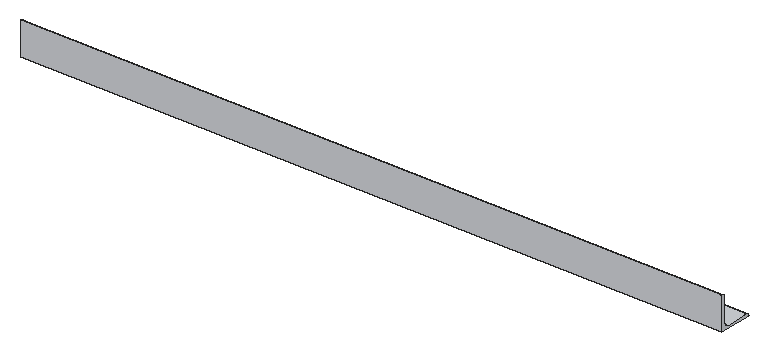
Revit family "AVLN_Набор перемычек", category Обобщенные модели, Revit 2021
Family settings
  Основа = Стена
  Может служить основой для арматурных стержней = Нет
  Размер круглого соединителя = Использовать диаметр
  Тип детали = Нормальный
  Всегда вертикально = Да
  При загрузке вырезать с полостями = Нет
  Общий = Да
  Точка принадлежности помещению = Нет
Parameters (values of type "Перемычка_Уголок_70х70х5 L=1500 2")
  Элемент 9(3) = Перемычки - Пластина (ГОСТ 103-76) : 80х6, L=120
  Элемент 8(2)_Материал = none
  Элемент 8(2) = Перемычки - Уголок (ГОСТ 8509-93)(Поворот.Зеркальный) : 125х8, L=200(Пов. 180)
  Элемент 9(3)_Материал = none
  Элемент 6(1)_Материал = none
  Элемент 6(1) = Перемычки - Уголок (ГОСТ 8509-93)1 : 125х8, L=200
  Элемент 5(1)_Материал = none
  Элемент 5(1) = Перемычки ЖБ : 3ПБ27-8-П *2380
  Элемент 4(1)_Материал = none
  Элемент 4(1) = Перемычки ЖБ : 4ПБ48-8-П *4380
  Элемент 3(1)_Материал = none
  Элемент 3(1) = Перемычки ЖБ : 2ПБ10-1-П *830
  Элемент 2(1)_Материал = none
  Элемент 2(1) = Перемычки - Уголок (ГОСТ 8509-93)(Зеркальный) : 70х5, L=1500(Зеркальный)
  Элемент 1(1)_Материал = none
  Элемент 1(1) = Перемычки - Уголок (ГОСТ 8509-93)1 : 70х5, L=1500 (2)
  Ширина проема Элементы8(2)_9(3) = 1250 mm
  Элементы соединительные(3) = no
  Элементы горизонтальные(1) = yes
  Шаг анкера = 150 mm
  Стена_толщина = 120 mm
  Полка_правая = 0 mm
  Полка_левая = 0 mm
  Отступ анкера = 50 mm
  Отметка по умолчанию = 0 mm
  Область маскировки = yes
  Количество анкеров на уголок = 2
  Горизонтальное смещение Элемент1-6(1) = (Полка_правая - Полка_левая) / 2  # 0 mm
  Расчетное расстояние от произвольной плоскости = Расстояние от вспомогательной плоскости + [Горизонтальное смещение Элемент1-6(1)]  # 2500 mm
  Расстояние от вспомогательной плоскости = 2500 mm  # constant formula
  Соединительные Привязка_Элемент 9(3) = ([Ширина проема Элементы8(2)_9(3)] - ([Количество соединительные Элементы 9(3)] - 1) * [Шаг соединительные Элементы 9(3)]) / 2  # 375 mm
  Количество соединительные Элементы 9(3) = 2
  Шаг соединительные Элементы 9(3) = 500 mm
  Высота Элемент 8(2) = -2.6 mm
  Элементы крепления(2) = no
  Отступ Элемент 8(2) = 105 mm
  Высота Элемент 9(3) = -5 mm
  Высота Элемент 6(1) = 0 mm
  Элемент 6(1)_Видимость = if(and([Элементы горизонтальные(1)]), Количество горизонтальных элементов > 5, Видимость_not)  # no
  Высота Элемент 5(1) = 0 mm
  Элемент 5(1)_Видимость = if(and([Элементы горизонтальные(1)]), Количество горизонтальных элементов > 4, Видимость_not)  # no
  Высота Элемент 4(1) = 0 mm
  Элемент 4(1)_Видимость = if(and([Элементы горизонтальные(1)]), Количество горизонтальных элементов > 3, Видимость_not)  # no
  Высота Элемент 3(1) = 0 mm
  Элемент 3(1)_Видимость = if(and([Элементы горизонтальные(1)]), Количество горизонтальных элементов > 2, Видимость_not)  # no
  Высота Элемент 2(1) = 0 mm
  Элемент 2(1)_Видимость = if(and([Элементы горизонтальные(1)]), Количество горизонтальных элементов > 1, Видимость_not)  # no
  Высота Элемент 1(1) = 0 mm
  Отступ от 5 до 6 = 140 mm
  Отступ от 4 до 5 = 130 mm
  Отступ от 3 до 4 = 146.078 mm
  Отступ от 2 до 3 = 165 mm
  Отступ от 1 до 2 = 250 mm
  Отступ до Элемент 1 = 0 mm
  Область видимости_По высоте вниз [instance] = 1200 mm
  Крепление_Справа_Видимость = if(and([Элементы крепления(2)], [Крепление_Справа(2)]), [Видимость Элемент 8(2)], Видимость_not)  # no
  Крепление_Справа(2) = no
  Крепление_Слева_Видимость = if(and([Элементы крепления(2)], [Крепление_Слева(2)]), [Видимость Элемент 8(2)], Видимость_not)  # no
  Крепление_Слева(2) = no
  Количество горизонтальных элементов = 1
  Группа модели = "Перемычки"  # constant formula
  Высота Анкер = 50 mm
  Видимость Элемент 8(2) = Видимость_Определение = 1 mm  # yes
  Видимость_Определение = 1 mm  # constant formula
  Видимость_not = Видимость_Определение = 2 mm  # no
  Анкер_справа_2_видимость = and(Анкер справа, Количество анкеров на уголок > 1)  # no
  Анкер_справа_1_видимость = and(Анкер справа, Количество анкеров на уголок > 0)  # no
  Анкер_слева_2_видимость = and(Анкер слева, Количество анкеров на уголок > 1)  # no
  Анкер_слева_1_видимость = and(Анкер слева, Количество анкеров на уголок > 0)  # no
  Анкер_слева_3_видимость = and(Анкер слева, Количество анкеров на уголок > 2)  # no
  Анкер_справа_3_Видимость = and(Анкер справа, Количество анкеров на уголок > 2)  # no
  Анкер справа = no
  Анкер слева = no
Reference planes
  plane 1 "Стена": y = 0
  plane 2 "По центру (Влево/Вправо)": x = 125
  plane 3 "Назад": y = 150
  plane 4: z = 0
  plane 5: y = -150
  plane 6: y = -150
  plane 7: y = 100
  plane 8: y = 265
  plane 9: y = 411.078
  plane 10: y = 541.078
  plane 11: y = 681.078
  plane 12: x = 750
  plane 13: x = -500
  plane 14: y = 360
  plane 15: x = -2375
  plane 16 "Анкер1": y = -100
  plane 17 "Анкер2": y = 50
  plane 18: x = 750
  plane 19: x = -500
  plane 20 "нкер3": y = 200
Lines and regions (mm)
  model lines, style "InvisibleLines"
    curve 1: line (125, 0, 0) -> (125, 0, -1200)
Text (mm)
  text "Сторона размещения" at (-2895.44, 3293.409, 0), in view "Опорный уровень"
  text "Сторона размещения" at (0, 1409.804, 2854.306), in view "Слева"
  text "Сторона размещения" at (0, 499.811, 2980.732), in view "Справа"
Dimensions and locks
  plane 3 "Назад" to plane 3 "Назад" = 0 mm
  "Отступ до Элемент 1": plane 6 to plane 5
  "Отступ от 1 до 2": plane 7 to plane 6
  "Отступ от 2 до 3": plane 8 to plane 7
  "Отступ от 3 до 4": plane 9 to plane 8
  "Отступ от 4 до 5": plane 10 to plane 9
  equal spacing: plane 13, plane 2 "По центру (Влево/Вправо)", plane 12
  "Ширина проема Элементы8(2)_9(3)": plane 13 to plane 12
  plane 13 to plane 12 = 1250 mm
  "Отступ Элемент 8(2)": nested 9 to plane 5
  "Отступ Элемент 8(2)": nested 8 to plane 5
  "Расстояние от вспомогательной плоскости": plane 15 to plane 2 "По центру (Влево/Вправо)"
  "Расчетное расстояние от произвольной плоскости": plane 15 to nested 2
  "Расчетное расстояние от произвольной плоскости": plane 15 to nested 3
  "Расчетное расстояние от произвольной плоскости": plane 15 to nested 4
  "Расчетное расстояние от произвольной плоскости": plane 15 to nested 7
  "Расчетное расстояние от произвольной плоскости": plane 15 to nested 5
  "Расчетное расстояние от произвольной плоскости": plane 15 to nested 6
  "Область видимости_По высоте вниз": level to curve 1
  "Область видимости_По высоте вниз": curve 1 to level
  "Соединительные Привязка_Элемент 9(3)": plane 13 to nested 10
  group 1 to group 2 = 500 mm
  group 2 to group 1 = 0 mm
  group 1 to group 2 = 0 mm
  "Шаг соединительные Элементы 9(3)": nested 10 to nested 11
  plane 5 to nested 1 to plane 3 "Назад" = 150 mm, 150 mm
  plane 6 to plane 5 = 0 mm
  "Отступ анкера": plane 16 "Анкер1" to plane 5
  "Шаг анкера": plane 17 "Анкер2" to plane 16 "Анкер1"
  "Отступ от 5 до 6": plane 10 to plane 11
  plane 2 "По центру (Влево/Вправо)" to nested 2 = 0 mm
  "Полка_правая": plane 18 to plane 12
  "Полка_левая": plane 19 to plane 13
  "Шаг анкера": plane 17 "Анкер2" to plane 20 "нкер3"
  aligned and locked: plane 1 "Стена" to host wall
  aligned and locked: level to plane 4
  aligned and locked: host wall to plane 5
  aligned and locked: curve 1 to host wall
  aligned and locked: plane 6 to nested 2
  aligned and locked: nested 3 to plane 7
  aligned and locked: nested 4 to plane 8
  aligned and locked: nested 5 to plane 10
  aligned and locked: nested 6 to plane 11
  aligned and locked: nested 7 to plane 9
  aligned and locked: plane 2 "По центру (Влево/Вправо)" to nested 1
  aligned and locked: nested 11 to plane 6
  aligned and locked: nested 10 to plane 6
  aligned and locked: plane 17 "Анкер2" to nested 12
  aligned and locked: plane 16 "Анкер1" to nested 14
  aligned and locked: nested 13 to plane 17 "Анкер2"
  aligned and locked: nested 15 to plane 16 "Анкер1"
  aligned and locked: nested 1 to host wall
  aligned and locked: plane 18 to nested 8
  aligned and locked: plane 18 to nested 12
  aligned and locked: plane 18 to nested 14
  aligned and locked: plane 19 to nested 9
  aligned and locked: nested 13 to plane 19
  aligned and locked: nested 15 to plane 19
  aligned and locked: nested 16 to plane 20 "нкер3"
  aligned and locked: nested 17 to plane 19
  aligned and locked: plane 18 to nested 16
  aligned and locked: plane 20 "нкер3" to nested 17
Automatic sketch dimensions
  plane 2 "По центру (Влево/Вправо)" to curve 1 = 0 mm
  curve 1 to level = 0 mm
Nested families
  nested 1: "Прозрачный прямоугольник - Элементы узлов" at (125, -60, 0), b <- "Ширина проема Элементы8(2)_9(3)", visible <- "Область маскировки", Полка_левая <- "Полка_левая", Полка_правая <- "Полка_правая", a <- "Стена_толщина", type "Прозрачный прямоугольник - Элементы узлов"
    with Полка_правая 0 mm, Полка_левая 0 mm, b 1250 mm, a 120 mm
  nested 2: "Перемычки - Уголок (ГОСТ 8509-93)1" at (125, -142.2, 0), type <- "Элемент 1(1)", built-in parameter 1001364 <- "Высота Элемент 1(1)", Structural Material <- "Элемент 1(1)_Материал", visible <- "Элементы горизонтальные(1)", type "70х5, L=1500 (2)"
  nested 3: "Перемычки - Уголок (ГОСТ 8509-93)(Зеркальный)" at (125, 107.8, 0), type <- "Элемент 2(1)", built-in parameter 1001364 <- "Высота Элемент 2(1)", visible <- "Элемент 2(1)_Видимость", Structural Material <- "Элемент 2(1)_Материал", type "70х5, L=1500(Зеркальный)"
  nested 4: "Перемычки ЖБ" at (125, 385, 0), type <- "Элемент 3(1)", built-in parameter 1001364 <- "Высота Элемент 3(1)", visible <- "Элемент 3(1)_Видимость", Structural Material <- "Элемент 3(1)_Материал", type "2ПБ10-1-П *830"
  nested 5: "Перемычки ЖБ" at (125, 661.078, 0), built-in parameter 1001364 <- "Высота Элемент 5(1)", visible <- "Элемент 5(1)_Видимость", type <- "Элемент 5(1)", Structural Material <- "Элемент 5(1)_Материал", type "3ПБ27-8-П *2380"
  nested 6: "Перемычки - Уголок (ГОСТ 8509-93)1" at (125, 688.878, 0), type <- "Элемент 6(1)", built-in parameter 1001364 <- "Высота Элемент 6(1)", visible <- "Элемент 6(1)_Видимость", Structural Material <- "Элемент 6(1)_Материал", type "125х8, L=200"
  nested 7: "Перемычки ЖБ" at (125, 531.078, 0), type <- "Элемент 4(1)", built-in parameter 1001364 <- "Высота Элемент 4(1)", visible <- "Элемент 4(1)_Видимость", Structural Material <- "Элемент 4(1)_Материал", type "4ПБ48-8-П *4380"
  nested 8: "Перемычки - Уголок (ГОСТ 8509-93)(Поворот.Зеркальный)" at (744.6, 55, -2.6) x (0, 1, 0) z (0, 0, 1), type <- "Элемент 8(2)", built-in parameter 1001364 <- "Высота Элемент 8(2)", visible <- "Крепление_Справа_Видимость", Structural Material <- "Элемент 8(2)_Материал", type "125х8, L=200(Пов. 180)"
  nested 9: "Перемычки - Уголок (ГОСТ 8509-93)(Поворот.Зеркальный)" at (-494.6, 55, -2.6) x (0, 1, 0) z (0, 0, 1), type <- "Элемент 8(2)", built-in parameter 1001364 <- "Высота Элемент 8(2)", visible <- "Крепление_Слева_Видимость", Structural Material <- "Элемент 8(2)_Материал", type "125х8, L=200(Пов. 180)"
  nested 10: "Перемычки - Пластина (ГОСТ 103-76)" at (-125, -90, -5) x (0, 1, 0) z (0, 0, 1), type <- "Элемент 9(3)", built-in parameter 1001364 <- "Высота Элемент 9(3)", visible <- "Элементы соединительные(3)", Structural Material <- "Элемент 9(3)_Материал", type "80х6, L=120"
  nested 11: "Перемычки - Пластина (ГОСТ 103-76)" at (375, -90, -5) x (0, 1, 0) z (0, 0, 1), type <- "Элемент 9(3)", built-in parameter 1001364 <- "Высота Элемент 9(3)", visible <- "Элементы соединительные(3)", Structural Material <- "Элемент 9(3)_Материал", type "80х6, L=120"
  nested 12: "Перемычки - Анкер" at (742, 55.4, 50), visible <- "Анкер_справа_2_видимость", built-in parameter 1001364 <- "Высота Анкер", type "Анкер-шпилька HSAхМ8х85"
  nested 13: "Перемычки - Анкер" at (-492, 44.6, 50) x (-1, 0, 0) z (0, 0, 1), visible <- "Анкер_слева_2_видимость", built-in parameter 1001364 <- "Высота Анкер", type "Анкер-шпилька HSAхМ8х85"
  nested 14: "Перемычки - Анкер" at (742, -94.6, 50), visible <- "Анкер_справа_1_видимость", built-in parameter 1001364 <- "Высота Анкер", type "Анкер-шпилька HSAхМ8х85"
  nested 15: "Перемычки - Анкер" at (-492, -105.4, 50) x (-1, 0, 0) z (0, 0, 1), visible <- "Анкер_слева_1_видимость", built-in parameter 1001364 <- "Высота Анкер", type "Анкер-шпилька HSAхМ8х85"
  nested 16: "Перемычки - Анкер" at (742, 205.4, 50), visible <- "Анкер_справа_3_Видимость", built-in parameter 1001364 <- "Высота Анкер", type "Анкер-шпилька HSAхМ8х85"
  nested 17: "Перемычки - Анкер" at (-492, 194.6, 50) x (-1, 0, 0) z (0, 0, 1), visible <- "Анкер_слева_3_видимость", built-in parameter 1001364 <- "Высота Анкер", type "Анкер-шпилька HSAхМ8х85"
Definition of nested family "Перемычки - Уголок (ГОСТ 8509-93)1"
  Parameters (values of type "125х8, L=200")
    Сталь по настоящему стандарту = "С245 ГОСТ 27772-88"
    Description = "Уголки"
    Обозначение стандарта на сортамент = "ГОСТ 8509-93"  # constant formula
    Обозначение = "ГОСТ 8509-93"
    Наименование = ""
    Масса = size_lookup(Lookup, "Масса", 0.00 kg, b_Ширина, t_Толщина) / 1000 mm * L_Длина  # 3.092 kg
    Model = "Элементы перемычек"  # constant formula
    t_Толщина = 8 mm
    b_Ширина = 125 mm
    Lookup = "ГОСТ 8509-93. Уголки стальные горячекатаные равнополочные"  # constant formula
    L_Длина = 200 mm
    ADSK_Размер_Длина = L_Длина  # 200 mm
  Types (8, lengths in mm): name | Description | Наименование | Масса | t_Толщина | b_Ширина | L_Длина | ADSK_Размер_Длина
    125х8, L=200 | "Уголки" | "" | 3.092 kg | 8 | 125 | 200 | 200
    70х5, L=1500 (2) | "Уголок 70х70х5" | "Уголок 70х70х5, L=1500" | 8.07 kg | 5 | 70 | 1500 | 1500
    70х5, L=1350 | "Уголок 70х70х5" | "Уголок 70х70х5, L=1350" | 7.263 kg | 5 | 70 | 1350 | 1350
    70х5, L=1250 | "Уголок 70х70х5" | "Уголок 70х70х5, L=1250" | 6.725 kg | 5 | 70 | 1250 | 1250
    70х5, L=1700 | "Уголок 70х70х5" | "Уголок 70х70х5, L=1700" | 9.146 kg | 5 | 70 | 1700 | 1700
    70х5, L=1600 | "Уголок 70х70х5" | "Уголок 70х70х5, L=1600" | 8.608 kg | 5 | 70 | 1600 | 1600
    70х5, L=1500 | "Уголок 70х70х5" | "Уголок 70х70х5, L=1500" | 8.07 kg | 5 | 70 | 1500 | 1500
    125х8, L=200 2 | "Уголки" | "" | 3.092 kg | 8 | 125 | 200 | 200
  Reference planes
    plane 1: z = 0
    plane 2 "По центру (Влево/Вправо)": x = 0
    plane 3: x = -100
    plane 4: x = 100
    plane 5: y = -7.8
  Forms (mm)
    Sweep 1, solid
      path origin (0, -7.8, -7.8) x (1, 0, 0) y (0, 1, 0)
        loop
          line (-100, 0) -> (100, 0)
      profile "Уголок (ГОСТ 8509-93)-Профиль-Высокий : Уголок (ГОСТ 8509-93)-Профиль-Высокий" origin (0, -7.8, -7.8) x (0, 1, 0) y (0, 0, 1)
        loop
          line (-8, 124.8) -> (-8, -0.2) -> (117, -0.2)
          arc (117, -0.2) -> (114.657, 5.457) -> (109, 7.8) r 8
          line (109, 7.8) -> (20.833, 7.8)
          arc (20.833, 7.8) -> (6.102, 13.902) -> (0, 28.633) r 20.833
          line (0, 28.633) -> (0, 116.8)
          arc (0, 116.8) -> (-2.343, 122.457) -> (-8, 124.8) r 8
  Dimensions and locks
    equal spacing: plane 3, plane 2 "По центру (Влево/Вправо)", plane 4
    "L_Длина": plane 3 to plane 4
    aligned and locked: plane 1 to level
    aligned and locked: Sweep 1 to plane 5
    aligned and locked: level to Sweep 1
  Automatic sketch dimensions
    Sweep 1 sketch curve to plane 3 = 0 mm
    Sweep 1 sketch curve to plane 4 = 0 mm
    Sweep 1 sketch curve to plane 5 = 0 mm
Definition of nested family "Перемычки - Уголок (ГОСТ 8509-93)(Зеркальный)"
  Parameters (values of type "50х6, L=1030(Зеркальный)")
    Сталь по настоящему стандарту = "С245 ГОСТ 27772-88"
    Description = "Уголки"
    Обозначение стандарта на сортамент = "ГОСТ 8509-93"  # constant formula
    Обозначение = "ГОСТ 8509-93"
    Наименование = "50x50x8 ГОСТ 8509-93"
    Масса = size_lookup(Lookup, "Масса", 0.00 kg, b_Ширина, t_Толщина) / 1000 mm * L_Длина  # 4.6041 kg
    Model = "Элементы перемычек"  # constant formula
    t_Толщина = 6 mm
    b_Ширина = 50 mm
    Lookup = "ГОСТ 8509-93. Уголки стальные горячекатаные равнополочные"  # constant formula
    L_Длина = 1030 mm
    ADSK_Размер_Длина = L_Длина  # 1030 mm
  Types (6, lengths in mm): name | Description | Наименование | Масса | t_Толщина | b_Ширина | L_Длина | ADSK_Размер_Длина
    50х6, L=1030(Зеркальный) | "Уголки" | "50x50x8 ГОСТ 8509-93" | 4.6041 kg | 6 | 50 | 1030 | 1030
    70х5, L=1350(Зеркальный) | "Уголок 70х70х5" | "Уголок 70х70х5, L=1350" | 7.263 kg | 5 | 70 | 1350 | 1350
    70х5, L=1250(Зеркальный) | "Уголок 70х70х5" | "Уголок 70х70х5, L=1250" | 6.725 kg | 5 | 70 | 1250 | 1250
    70х5, L=1700(Зеркальный) | "Уголок 70х70х5" | "Уголок 70х70х5, L=1700" | 9.146 kg | 5 | 70 | 1700 | 1700
    70х5, L=1600(Зеркальный) | "Уголок 70х70х5" | "Уголок 70х70х5, L=1600" | 8.608 kg | 5 | 70 | 1600 | 1600
    70х5, L=1500(Зеркальный) | "Уголок 70х70х5" | "Уголок 70х70х5, L=1500" | 8.07 kg | 5 | 70 | 1500 | 1500
  Reference planes
    plane 1: z = 0
    plane 2 "По центру (Влево/Вправо)": x = 0
    plane 3: x = -515
    plane 4: x = 515
    plane 5: y = -7.8
  Forms (mm)
    Sweep 1, solid
      path origin (0, -7.8, -7.8) x (1, 0, 0) y (0, 1, 0)
        loop
          line (-515, 0) -> (515, 0)
      profile "Уголок (ГОСТ 8509-93)-Профиль-Высокий : Уголок (ГОСТ 8509-93)-Профиль-Высокий" origin (0, -7.8, -7.8) x (0, 1, 0) y (0, 0, 1)
        loop
          arc (6, 51.8) -> (1.757, 50.043) -> (0, 45.8) r 6
          line (0, 45.8) -> (0, 16.133)
          arc (0, 16.133) -> (-2.441, 10.241) -> (-8.333, 7.8) r 8.333
          line (-8.333, 7.8) -> (-38, 7.8)
          arc (-38, 7.8) -> (-42.243, 6.043) -> (-44, 1.8) r 6
          line (-44, 1.8) -> (6, 1.8) -> (6, 51.8)
  Dimensions and locks
    equal spacing: plane 3, plane 2 "По центру (Влево/Вправо)", plane 4
    "L_Длина": plane 3 to plane 4
    aligned and locked: plane 1 to level
    aligned and locked: plane 5 to Sweep 1
    aligned and locked: level to Sweep 1
  Automatic sketch dimensions
    Sweep 1 sketch curve to plane 3 = 0 mm
    Sweep 1 sketch curve to plane 4 = 0 mm
    plane 5 to Sweep 1 sketch curve = 0 mm
Definition of nested family "Перемычки ЖБ"
  Parameters (values of type "4ПБ48-8-П *4380")
    Ширина = 120 mm
    Description = "Ж/Б перемычки"  # constant formula
    Обозначение = "Серия 1.038.1-1 вып.1"
    Наименование = "1ПБ10-1-П"
    Масса = 418.00 kg
    Длина = 4800 mm
    Model = "Элементы перемычек"  # constant formula
    Высота = 290 mm
    ADSK_Размер_Длина = Длина  # 4800 mm
  Types (5, lengths in mm): name | Наименование | Масса | Длина | Высота | ADSK_Размер_Длина
    4ПБ48-8-П *4380 | "1ПБ10-1-П" | 418.00 kg | 4800 | 290 | 4800
    3ПБ27-8-П *2380 | "1ПБ10-1-П" | 180.00 kg | 2720 | 220 | 2720
    2ПБ13-1-П *1090 | "2ПБ13-1-П" | 54.00 kg | 1290 | 140 | 1290
    2ПБ10-1-П *830 | "1ПБ10-1-П" | 43.00 kg | 1030 | 140 | 1030
    1ПБ 13-1-п | "1ПБ13-1" | 25.00 kg | 1290 | 65 | 1290
  Reference planes
    plane 1 "По центру (Вперед/Назад)": y = 0
    plane 2: z = 0
    plane 3 "По центру (Влево/Вправо)": x = 0
    plane 4: x = -2400
    plane 5: x = 2400
    plane 6: y = -120
    plane 7: z = 290
  Forms (mm)
    Extrusion 1, solid
      sketch origin (0, 0, 0) x (1, 0, 0) y (0, 1, 0)
        loop
          line (-2400, 0) -> (-2400, -120) -> (2400, -120) -> (2400, 0) -> (-2400, 0)
      from 0 to 290
    Extrusion 2, void
      sketch origin (0, 0, 0) x (1, 0, 0) y (0, 1, 0)
        loop
          line (-2400, 0) -> (-2400, -120) -> (2400, -120) -> (2400, 0) -> (-2400, 0)
      from 0 to 290
  Dimensions and locks
    equal spacing: plane 4, plane 3 "По центру (Влево/Вправо)", plane 5
    "Длина": plane 4 to plane 5
    "Ширина": plane 6 to plane 1 "По центру (Вперед/Назад)"
    "Высота": plane 7 to level
    aligned and locked: plane 2 to level
    aligned and locked: Extrusion 1 to plane 7
    aligned and locked: plane 4 to Extrusion 2 sketch curve
    aligned and locked: Extrusion 2 sketch curve to Extrusion 1
    aligned and locked: Extrusion 2 sketch curve to plane 6
    aligned and locked: Extrusion 2 sketch curve to plane 1 "По центру (Вперед/Назад)"
    aligned and locked: Extrusion 2 to plane 7
    aligned and locked: plane 1 "По центру (Вперед/Назад)" to nested 1
    aligned and locked: nested 1 to plane 6
    aligned and locked: plane 7 to nested 1
  Automatic sketch dimensions
    Extrusion 1 sketch curve to plane 4 = 0 mm
    Extrusion 1 sketch curve to plane 5 = 0 mm
    Extrusion 1 sketch curve to plane 6 = 0 mm
    plane 1 "По центру (Вперед/Назад)" to Extrusion 1 sketch curve = 0 mm
  Nested families
    nested 1: "Белый прямоугольник - Элементы узлов" at (0, -60, 290) x (0, -1, 0) z (1, 0, 0), type "Утолщенные линиии"
      with b 120 mm, a 290 mm, Утолщенные линиии yes, Невидимые линии no
  Definition of nested family "Белый прямоугольник - Элементы узлов"
    Parameters
      Утолщенные линиии = no
      Тонкие линии = no
      Невидимые линии = yes
      b [instance] = 370 mm
      a [instance] = 350 mm
    Reference planes
      plane 1 "По центру (Вперед/Назад)": y = 0
      plane 2: z = 0
      plane 3 "По центру (Влево/Вправо)": x = 0
      plane 4: x = -185
      plane 5: x = 185
      plane 6: y = 350
    Lines and regions (mm)
      Filled region 1, type "Сплошная заливка - Белый", in view "Опорный уровень", visible <- "Утолщенные линиии"
        outline origin (0, 0, 0) x (1, 0, 0) y (0, 1, 0)
          loop
            line (-185, 350) -> (-185, 0) -> (185, 0) -> (185, 350) -> (-185, 350)
      Filled region 2, type "Сплошная заливка - Белый", in view "Опорный уровень", visible <- "Тонкие линии"
        outline origin (65, -60, 0) x (1, 0, 0) y (0, 1, 0)
          loop
            line (-250, 410) -> (-250, 60) -> (120, 60) -> (120, 410) -> (-250, 410)
      Filled region 3, type "Сплошная заливка - Белый", in view "Опорный уровень", visible <- "Невидимые линии"
        outline origin (251.408, -282.153, 0) x (1, 0, 0) y (0, 1, 0)
          loop
            line (-436.408, 632.153) -> (-436.408, 282.153) -> (-66.408, 282.153) -> (-66.408, 632.153) -> (-436.408, 632.153)
    Dimensions and locks
      equal spacing: plane 4, plane 3 "По центру (Влево/Вправо)", plane 5
      "a": plane 1 "По центру (Вперед/Назад)" to plane 6
      "b": plane 4 to plane 5
      aligned and locked: Filled region 2 to plane 4
      aligned and locked: plane 5 to Filled region 2
      aligned and locked: plane 1 "По центру (Вперед/Назад)" to Filled region 2
      aligned and locked: plane 6 to Filled region 2
      aligned and locked: plane 6 to Filled region 3
      aligned and locked: plane 1 "По центру (Вперед/Назад)" to Filled region 3
      aligned and locked: Filled region 3 to plane 4
      aligned and locked: plane 5 to Filled region 3
    Automatic sketch dimensions
      plane 1 "По центру (Вперед/Назад)" to Filled region 1 sketch curve = 0 mm
      Filled region 1 sketch curve to plane 4 = 0 mm
      Filled region 1 sketch curve to plane 5 = 0 mm
      Filled region 1 sketch curve to plane 6 = 0 mm
      plane 1 "По центру (Вперед/Назад)" to Filled region 2 sketch curve = 0 mm
      Filled region 2 sketch curve to plane 4 = 0 mm
      Filled region 2 sketch curve to plane 5 = 0 mm
      Filled region 2 sketch curve to plane 6 = 0 mm
      Filled region 3 sketch curve to plane 3 "По центру (Влево/Вправо)" = 185 mm
      plane 5 to Filled region 3 sketch curve = 0 mm
      plane 1 "По центру (Вперед/Назад)" to Filled region 3 sketch curve = 0 mm
      Filled region 3 sketch curve to plane 1 "По центру (Вперед/Назад)" = 350 mm
Definition of nested family "Перемычки - Уголок (ГОСТ 8509-93)(Поворот.Зеркальный)"
  Parameters (values of type "125х8, L=200(Пов. 180)")
    Сталь по настоящему стандарту = "С245 ГОСТ 27772-88"
    Description = "Уголки"  # constant formula
    Обозначение стандарта на сортамент = "ГОСТ 8509-93"  # constant formula
    Обозначение = "ГОСТ 8509-93"
    Наименование = "50x50x8 ГОСТ 8509-93"
    Масса = size_lookup(Lookup, "Масса", 0.00 kg, b_Ширина, t_Толщина) / 1000 mm * L_Длина  # 3.092 kg
    Model = "Элементы перемычек"  # constant formula
    t_Толщина = 8 mm
    b_Ширина = 125 mm
    Lookup = "ГОСТ 8509-93. Уголки стальные горячекатаные равнополочные"  # constant formula
    L_Длина = 200 mm
  Reference planes
    plane 1: z = 0
    plane 2 "По центру (Влево/Вправо)": x = 0
    plane 3: x = -100
    plane 4: x = 100
    plane 5: y = -5.4
  Forms (mm)
    Sweep 1, solid
      path origin (0, -13.2, 83) x (-1, 0, 0) y (0, 0, 1)
        loop
          line (-100, -75) -> (100, -75)
      profile "Уголок (ГОСТ 8509-93)-Профиль-Высокий : Уголок (ГОСТ 8509-93)-Профиль-Высокий" origin (0, -13.2, 8) x (0, 0, 1) y (0, 1, 0)
        loop
          line (-8, 124.8) -> (-8, -0.2) -> (117, -0.2)
          arc (117, -0.2) -> (114.657, 5.457) -> (109, 7.8) r 8
          line (109, 7.8) -> (20.833, 7.8)
          arc (20.833, 7.8) -> (6.102, 13.902) -> (0, 28.633) r 20.833
          line (0, 28.633) -> (0, 116.8)
          arc (0, 116.8) -> (-2.343, 122.457) -> (-8, 124.8) r 8
  Dimensions and locks
    equal spacing: plane 3, plane 2 "По центру (Влево/Вправо)", plane 4
    "L_Длина": plane 3 to plane 4
    aligned and locked: plane 1 to level
    aligned and locked: Sweep 1 to plane 5  (x3)
    aligned and locked: Sweep 1 to level
    aligned and locked: Sweep 1 to plane 3
    aligned and locked: Sweep 1 to plane 4
  Automatic sketch dimensions
    Sweep 1 sketch curve to plane 4 = 0 mm
    Sweep 1 sketch curve to plane 3 = 0 mm
    level to Sweep 1 sketch curve = 8 mm
Definition of nested family "Перемычки - Пластина (ГОСТ 103-76)"
  Parameters (values of type "80х6, L=250")
    Сталь по настоящему стандарту = "С245 ГОСТ 27772-88"
    Description = "Пластины"  # constant formula
    Обозначение стандарта на сортамент = "ГОСТ 103-2006"
    Обозначение = "ГОСТ 103-2006"
    Наименование = "Пластина 250х80х6, L=250"
    Масса = t_Толщина * b_Ширина * L_Длина * 7850.0000 kg/m³  # 0.942 kg
    Model = "Элементы перемычек"  # constant formula
    t_Толщина = 6 mm
    b_Ширина = 80 mm
    L_Длина = 250 mm
    ADSK_Размер_Длина = L_Длина  # 250 mm
  Types (2, lengths in mm): name | Обозначение стандарта на сортамент | Обозначение | Наименование | Масса | L_Длина | ADSK_Размер_Длина
    80х6, L=250 | "ГОСТ 103-2006" | "ГОСТ 103-2006" | "Пластина 250х80х6, L=250" | 0.942 kg | 250 | 250
    80х6, L=120 | "ГОСТ 103-76" | "ГОСТ 103-76" | "Пластина 120х80х6, L=120" | 0.45216 kg | 120 | 120
  Reference planes
    plane 1 "По центру (Вперед/Назад)": y = 0
    plane 2: z = 0
    plane 3 "По центру (Влево/Вправо)": x = 0
    plane 4: x = -125
    plane 5: x = 125
    plane 6: y = -40
    plane 7: z = -6
    plane 8: y = 40
  Forms (mm)
    Extrusion 1, solid
      sketch origin (0, 0, 0) x (1, 0, 0) y (0, 1, 0)
        loop
          line (-125, 40) -> (-125, -40) -> (125, -40) -> (125, 40) -> (-125, 40)
      from 0 to -6
  Dimensions and locks
    equal spacing: plane 4, plane 3 "По центру (Влево/Вправо)", plane 5
    "L_Длина": plane 4 to plane 5
    "t_Толщина": level to plane 7
    equal spacing: plane 8, plane 1 "По центру (Вперед/Назад)", plane 6
    "b_Ширина": plane 8 to plane 6
    aligned and locked: plane 2 to level
    aligned and locked: plane 4 to Extrusion 1 sketch curve
    aligned and locked: plane 6 to Extrusion 1 sketch curve
    aligned and locked: Extrusion 1 sketch curve to plane 5
    aligned and locked: Extrusion 1 to plane 7
    aligned and locked: Extrusion 1 sketch curve to plane 8
Definition of nested family "Перемычки - Анкер"
  Parameters (values of type "Анкер-шпилька HSAхМ8х85")
    Сталь по настоящему стандарту = ""
    Description = "Анкера"  # constant formula
    Обозначение стандарта на сортамент = ""
    Обозначение = "Hilti или аналог"
    Наименование = "Анкер-шпилька HSAхМ8х85"
    Масса = 0.00 kg
    Model = "Элементы перемычек"  # constant formula
    t_Толщина = 8 mm
    b_Ширина = 12 mm
    Lookup = ""
    L_Длина = 85 mm
    ADSK_Размер_Длина = L_Длина  # 85 mm
  Reference planes
    plane 1: z = 0
    plane 2 "По центру (Влево/Вправо)": x = 0
    plane 3: x = 85
    plane 4: y = -5.4
    plane 5: x = 8
  Forms (mm)
    Sweep 1, solid
      path origin (0, -5.4, -1.174) x (1, 0, 0) y (0, 0, 1)
        loop
          line (85, 1.174) -> (0, 1.174)
      profile origin (42.5, -5.4, 0) x (0, 0, -1) y (0, -1, 0)
        loop
          circle (0, 0) r 4
    Extrusion 2, solid
      sketch origin (0, -5.4, 0) x (0, -1, 0) y (0, 0, 1)
        loop
          circle (0, 0) r 4
        loop
          circle (0, 0) r 12
      from -8 to 0
  Dimensions and locks
    plane 2 "По центру (Влево/Вправо)" to plane 3 = 85 mm
    "L_Длина": plane 2 "По центру (Влево/Вправо)" to plane 3
    plane 2 "По центру (Влево/Вправо)" to plane 5 = 8 mm
    "t_Толщина": diameter of Sweep 1 sketch curve
    "t_Толщина": diameter of Extrusion 2 sketch curve
    "b_Ширина": radius of Extrusion 2 sketch curve
    aligned and locked: plane 1 to level
    aligned and locked: Sweep 1 sketch curve to plane 1
    aligned and locked: plane 2 "По центру (Влево/Вправо)" to Sweep 1 sketch curve
    aligned and locked: plane 3 to Sweep 1 sketch curve
    aligned and locked: plane 5 to Extrusion 2
    aligned and locked: Extrusion 2 to plane 2 "По центру (Влево/Вправо)"
  Automatic sketch dimensions
    Sweep 1 sketch curve to plane 4 = 0 mm
    Sweep 1 sketch curve to profile plane = 0 mm
    Extrusion 2 sketch curve to Extrusion 2 sketch curve = 0 mm  (x2)
Definition of nested family "Прозрачный прямоугольник - Элементы узлов"
  Parameters (values of type "Прозрачный прямоугольник - Элементы узлов")
    Полка_правая [instance] = 100 mm
    Полка_левая [instance] = 100 mm
    b [instance] = 300 mm
    a [instance] = 300 mm
  Reference planes
    plane 1 "По центру (Вперед/Назад)": y = 0
    plane 2: z = 0
    plane 3 "По центру (Влево/Вправо)": x = 0
    plane 4: x = -150
    plane 5: x = 150
    plane 6: y = 300
    plane 7: y = 150
    plane 8 "полка левая": x = -250
    plane 9 "полка правая": x = 250
  Lines and regions (mm)
    detail lines, in view "Опорный уровень"
      curve 1: line (-250, 300, 0) -> (250, 300, 0)
      curve 2: line (-250, 0, 0) -> (-250, 300, 0)
      curve 3: line (250, 0, 0) -> (-250, 0, 0)
      curve 4: line (250, 300, 0) -> (250, 0, 0)
      curve 5: line (-150, 300, 0) -> (-150, 0, 0)
      curve 6: line (150, 300, 0) -> (150, 0, 0)
  Dimensions and locks
    equal spacing: plane 4, plane 3 "По центру (Влево/Вправо)", plane 5
    "a": plane 1 "По центру (Вперед/Назад)" to plane 6
    "b": plane 4 to plane 5
    equal spacing: plane 1 "По центру (Вперед/Назад)", plane 7, plane 6
    "Полка_правая": plane 5 to plane 9 "полка правая"
    "Полка_левая": plane 8 "полка левая" to plane 4
    aligned and locked: curve 1 to plane 6
    aligned and locked: curve 3 to plane 1 "По центру (Вперед/Назад)"
    aligned and locked: curve 4 to plane 9 "полка правая"
    aligned and locked: plane 8 "полка левая" to curve 2
    aligned and locked: curve 5 to plane 4
    aligned and locked: curve 6 to plane 5
    aligned and locked: plane 6 to curve 5
    aligned and locked: plane 1 "По центру (Вперед/Назад)" to curve 5
Types (59, lengths in mm): name | Элемент 9(3) | Элемент 8(2) | Элемент 6(1) | Элемент 5(1) | Элемент 4(1) | Элемент 3(1) | Элемент 2(1) | Элемент 1(1)_Материал | Элемент 1(1) | Ширина проема Элементы8(2)_9(3) | Элементы соединительные(3) | Шаг анкера | Стена_толщина | Полка_правая | Полка_левая | Отступ анкера | Количество анкеров на уголок | Горизонтальное смещение Элемент1-6(1) | Расчетное расстояние от произвольной плоскости | Соединительные Привязка_Элемент 9(3) | Высота Элемент 8(2) | Элементы крепления(2) | Отступ Элемент 8(2) | Высота Элемент 9(3) | Элемент 6(1)_Видимость | Элемент 5(1)_Видимость | Элемент 4(1)_Видимость | Элемент 3(1)_Видимость | Элемент 2(1)_Видимость | Высота Элемент 1(1) | Отступ от 5 до 6 | Отступ от 4 до 5 | Отступ от 3 до 4 | Отступ от 2 до 3 | Отступ от 1 до 2 | Отступ до Элемент 1 | Крепление_Справа_Видимость | Крепление_Справа(2) | Крепление_Слева_Видимость | Крепление_Слева(2) | Количество горизонтальных элементов | Высота Анкер | Анкер_справа_2_видимость | Анкер_справа_1_видимость | Анкер_слева_2_видимость | Анкер_слева_1_видимость | Анкер справа | Анкер слева
  Перемычка_Уголок_70х70х5 L=1500 2 | Перемычки - Пластина (ГОСТ 103-76) : 80х6, L=120 | Перемычки - Уголок (ГОСТ 8509-93)(Поворот.Зеркальный) : 125х8, L=200(Пов. 180) | Перемычки - Уголок (ГОСТ 8509-93)1 : 125х8, L=200 | Перемычки ЖБ : 3ПБ27-8-П *2380 | Перемычки ЖБ : 4ПБ48-8-П *4380 | Перемычки ЖБ : 2ПБ10-1-П *830 | Перемычки - Уголок (ГОСТ 8509-93)(Зеркальный) : 70х5, L=1500(Зеркальный) | none | Перемычки - Уголок (ГОСТ 8509-93)1 : 70х5, L=1500 (2) | 1250 | no | 150 | 120 | 0 | 0 | 50 | 2 | 0 | 2500 | 375 | -2.6 | no | 105 | -5 | no | no | no | no | no | 0 | 140 | 130 | 146.078 | 165 | 250 | 0 | no | no | no | no | 1 | 50 | no | no | no | no | no | no
  Перемычка_Арматура_d14  L=1550 | Перемычки - Пластина (ГОСТ 103-76) : 80х6, L=250 | Перемычки - Уголок (ГОСТ 8509-93)(Поворот.Зеркальный) : 125х8, L=200(Пов. 180) | Перемычки - Арматура (ГОСТ 34028-2016) : АIII ∅14, L=1550 | Перемычки - Арматура (ГОСТ 34028-2016) : АIII ∅14, L=1550 | Перемычки - Арматура (ГОСТ 34028-2016) : АIII ∅14, L=1550 | Перемычки - Арматура (ГОСТ 34028-2016) : АIII ∅14, L=1550 | Перемычки - Арматура (ГОСТ 34028-2016) : АIII ∅14, L=1550 | none | Перемычки - Арматура (ГОСТ 34028-2016) : АIII ∅14, L=1550 | 1050 | no | 150 | 250 | 0 | 0 | 50 | 2 | 0 | 2500 | 275 | -2.6 | no | 41.2 | -5 | yes | yes | yes | yes | yes | 0 | 41.2 | 41.2 | 41.2 | 41.2 | 41.2 | 15 | no | no | no | no | 6 | 50 | no | no | no | no | no | no
  Перемычка_Уголок_70х70х5 L=1250 к ЖБ слева | Перемычки - Пластина (ГОСТ 103-76) : 80х6, L=250 | Перемычки - Уголок (ГОСТ 8509-93)(Поворот-Зеркальный) : 70х5, L=250(Пов. 180) | Перемычки - Уголок (ГОСТ 8509-93)1 : 125х8, L=200 | Перемычки ЖБ : 3ПБ27-8-П *2380 | Перемычки ЖБ : 4ПБ48-8-П *4380 | Перемычки ЖБ : 2ПБ10-1-П *830 | Перемычки - Уголок (ГОСТ 8509-93)(Зеркальный) : 70х5, L=1250(Зеркальный) | none | Перемычки - Уголок (ГОСТ 8509-93)1 : 70х5, L=1250 | 1000 | yes | 150 | 250 | 250 | 0 | 50 | 2 | 125 | 2625 | 250 | -10 | yes | 0 | 0 | no | no | no | no | yes | 0 | 0 | 0 | 0 | 0 | 250 | 0 | no | no | yes | yes | 2 | 30 | no | no | yes | yes | no | yes
  Перемычка_Уголок_70х70х5 L=1350 к ЖБ справа | Перемычки - Пластина (ГОСТ 103-76) : 80х6, L=250 | Перемычки - Уголок (ГОСТ 8509-93)(Поворот-Зеркальный) : 70х5, L=250(Пов. 180) | Перемычки - Уголок (ГОСТ 8509-93)1 : 125х8, L=200 | Перемычки ЖБ : 3ПБ27-8-П *2380 | Перемычки ЖБ : 4ПБ48-8-П *4380 | Перемычки ЖБ : 2ПБ10-1-П *830 | Перемычки - Уголок (ГОСТ 8509-93)(Зеркальный) : 70х5, L=1350(Зеркальный) | none | Перемычки - Уголок (ГОСТ 8509-93)1 : 70х5, L=1350 | 1100 | yes | 150 | 250 | 240 | 0 | 50 | 2 | 120 | 2620 | 300 | -10 | yes | 0 | 0 | no | no | no | no | yes | 0 | 0 | 0 | 0 | 0 | 250 | 0 | no | no | yes | yes | 2 | 30 | no | no | yes | yes | no | yes
  Перемычка_Уголок_70х70х5 L=1350 к ЖБ левое | Перемычки - Пластина (ГОСТ 103-76) : 80х6, L=250 | Перемычки - Уголок (ГОСТ 8509-93)(Поворот-Зеркальный) : 70х5, L=250(Пов. 180) | Перемычки - Уголок (ГОСТ 8509-93)1 : 125х8, L=200 | Перемычки ЖБ : 3ПБ27-8-П *2380 | Перемычки ЖБ : 4ПБ48-8-П *4380 | Перемычки ЖБ : 2ПБ10-1-П *830 | Перемычки - Уголок (ГОСТ 8509-93)(Зеркальный) : 70х5, L=1350(Зеркальный) | none | Перемычки - Уголок (ГОСТ 8509-93)1 : 70х5, L=1350 | 1100 | yes | 150 | 250 | 240 | 0 | 50 | 2 | 120 | 2620 | 300 | -10 | yes | 0 | 0 | no | no | no | no | yes | 0 | 0 | 0 | 0 | 0 | 250 | 0 | no | no | yes | yes | 2 | 30 | no | no | yes | yes | no | yes
  Перемычка_Уголок_70х70х5 L=1250 к ЖБ справа | Перемычки - Пластина (ГОСТ 103-76) : 80х6, L=250 | Перемычки - Уголок (ГОСТ 8509-93)(Поворот-Зеркальный) : 70х5, L=250(Пов. 180) | Перемычки - Уголок (ГОСТ 8509-93)1 : 125х8, L=200 | Перемычки ЖБ : 3ПБ27-8-П *2380 | Перемычки ЖБ : 4ПБ48-8-П *4380 | Перемычки ЖБ : 2ПБ10-1-П *830 | Перемычки - Уголок (ГОСТ 8509-93)(Зеркальный) : 70х5, L=1250(Зеркальный) | none | Перемычки - Уголок (ГОСТ 8509-93)1 : 70х5, L=1250 | 1000 | yes | 150 | 250 | 250 | 0 | 50 | 2 | 125 | 2625 | 250 | -10 | yes | 0 | 0 | no | no | no | no | yes | 0 | 0 | 0 | 0 | 0 | 250 | 0 | no | no | yes | yes | 2 | 30 | no | no | yes | yes | no | yes
  Перемычка_Арматура_∅12  L=1500 | Перемычки - Пластина (ГОСТ 103-76) : 80х6, L=250 | Перемычки - Уголок (ГОСТ 8509-93)(Поворот.Зеркальный) : 125х8, L=200(Пов. 180) | Перемычки - Уголок (ГОСТ 8509-93)1 : 125х8, L=200 | Перемычки ЖБ : 3ПБ27-8-П *2380 | Перемычки ЖБ : 4ПБ48-8-П *4380 | Перемычки ЖБ : 2ПБ10-1-П *830 | Перемычки - Арматура (ГОСТ 34028-2016) : АIII ∅12, L=1500 | none | Перемычки - Арматура (ГОСТ 34028-2016) : АIII ∅12, L=1500 | 1000 | no | 150 | 120 | 0 | 0 | 50 | 2 | 0 | 2500 | 250 | -2.6 | no | 105 | -5 | no | no | no | no | yes | 0 | 140 | 130 | 146.078 | 165 | 40 | 34 | no | no | no | no | 2 | 50 | no | no | no | no | no | no
  Перемычка_Уголок_70х70х5 L=1700 | Перемычки - Пластина (ГОСТ 103-76) : 80х6, L=250 | Перемычки - Уголок (ГОСТ 8509-93)(Поворот.Зеркальный) : 125х8, L=200(Пов. 180) | Перемычки - Уголок (ГОСТ 8509-93)1 : 125х8, L=200 | Перемычки ЖБ : 3ПБ27-8-П *2380 | Перемычки ЖБ : 4ПБ48-8-П *4380 | Перемычки ЖБ : 2ПБ10-1-П *830 | Перемычки - Уголок (ГОСТ 8509-93)(Зеркальный) : 70х5, L=1700(Зеркальный) | none | Перемычки - Уголок (ГОСТ 8509-93)1 : 70х5, L=1700 | 1200 | yes | 150 | 250 | 0 | 0 | 50 | 2 | 0 | 2500 | 350 | -2.6 | no | 105 | -5 | no | no | no | no | yes | 0 | 140 | 130 | 146.078 | 165 | 250 | 0 | no | no | no | no | 2 | 50 | no | no | no | no | no | no
  Перемычка_Уголок_70х70х5 L=1600 | Перемычки - Пластина (ГОСТ 103-76) : 80х6, L=250 | Перемычки - Уголок (ГОСТ 8509-93)(Поворот.Зеркальный) : 125х8, L=200(Пов. 180) | Перемычки - Уголок (ГОСТ 8509-93)1 : 125х8, L=200 | Перемычки ЖБ : 3ПБ27-8-П *2380 | Перемычки ЖБ : 4ПБ48-8-П *4380 | Перемычки ЖБ : 2ПБ10-1-П *830 | Перемычки - Уголок (ГОСТ 8509-93)(Зеркальный) : 70х5, L=1600(Зеркальный) | none | Перемычки - Уголок (ГОСТ 8509-93)1 : 70х5, L=1600 | 1100 | yes | 150 | 250 | 0 | 0 | 50 | 2 | 0 | 2500 | 300 | -2.6 | no | 105 | -5 | no | no | no | no | yes | 0 | 140 | 130 | 146.078 | 165 | 250 | 0 | no | no | no | no | 2 | 50 | no | no | no | no | no | no
  Перемычка_Уголок_70х70х5 L=1500 | Перемычки - Пластина (ГОСТ 103-76) : 80х6, L=250 | Перемычки - Уголок (ГОСТ 8509-93)(Поворот.Зеркальный) : 125х8, L=200(Пов. 180) | Перемычки - Уголок (ГОСТ 8509-93)1 : 125х8, L=200 | Перемычки ЖБ : 3ПБ27-8-П *2380 | Перемычки ЖБ : 4ПБ48-8-П *4380 | Перемычки ЖБ : 2ПБ10-1-П *830 | Перемычки - Уголок (ГОСТ 8509-93)(Зеркальный) : 70х5, L=1500(Зеркальный) | none | Перемычки - Уголок (ГОСТ 8509-93)1 : 70х5, L=1500 | 1000 | yes | 150 | 250 | 0 | 0 | 50 | 2 | 0 | 2500 | 250 | -2.6 | no | 105 | -5 | no | no | no | no | yes | 0 | 140 | 130 | 146.078 | 165 | 250 | 0 | no | no | no | no | 2 | 50 | no | no | no | no | no | no
  Перемычка_ЖБ_1ПБ 13-1 1290 | Перемычки - Пластина (ГОСТ 103-76) : 80х6, L=250 | Перемычки - Уголок (ГОСТ 8509-93)(Поворот.Зеркальный) : 125х8, L=200(Пов. 180) | Перемычки - Уголок (ГОСТ 8509-93)1 : 125х8, L=200 2 | Перемычки ЖБ : 3ПБ27-8-П *2380 | Перемычки ЖБ : 4ПБ48-8-П *4380 | Перемычки ЖБ : 2ПБ10-1-П *830 | Перемычки ЖБ : 2ПБ13-1-П *1090 | none | Перемычки ЖБ : 1ПБ 13-1-п | 800 | no | 150 | 120 | 0 | 0 | 50 | 2 | 0 | 2500 | 150 | -2.6 | no | 105 | 0 | no | no | no | no | no | 50 | 140 | 130 | 146.078 | 165 | 125 | 0 | no | no | no | no | 1 | 50 | no | no | no | no | no | no
  Перемычка_Уголок_70х70х5 L=1050(1 уголок) К ЖБ справа | BRU_БетонныеПеремычки : 1ПБ10-1 | Перемычки - Уголок (ГОСТ 8509-93)1 : 70х5, L=90 | Перемычки - Уголок (ГОСТ 8509-93)1 : 125х8, L=200 | Перемычки ЖБ : 3ПБ27-8-П *2380 | Перемычки ЖБ : 4ПБ48-8-П *4380 | Перемычки ЖБ : 2ПБ10-1-П *830 | BRU_БетонныеПеремычки : 1ПБ10-1 | none | Перемычки - Уголок (ГОСТ 8509-93)1 : 70х5, L=1050 | 800 | yes | 150 | 90 | 240 | 0 | 50 | 1 | 120 | 2620 | 150 | -10 | yes | 0 | 0 | no | no | no | no | yes | 0 | 0 | 0 | 0 | 0 | 250 | 0 | yes | yes | no | no | 2 | 50 | no | yes | no | no | yes | no
  Перемычка_Уголок_70х70х5 L=1300(1 уголок) | BRU_БетонныеПеремычки13-1 : 1ПБ 10-1 | Перемычки - Уголок (ГОСТ 8509-93)(Поворот.Зеркальный) : 125х8, L=200(Пов. 180) | Перемычки - Уголок (ГОСТ 8509-93)1 : 125х8, L=200 | Перемычки ЖБ : 3ПБ27-8-П *2380 | Перемычки ЖБ : 4ПБ48-8-П *4380 | Перемычки ЖБ : 2ПБ10-1-П *830 | BRU_БетонныеПеремычки : 1ПБ10-1 | none | Перемычки - Уголок (ГОСТ 8509-93)1 : 70х5, L=1300 | 800 | no | 150 | 90 | 0 | 0 | 50 | 2 | 0 | 2500 | 150 | -2.6 | no | 105 | -5 | no | no | no | no | no | 0 | 140 | 130 | 146.078 | 165 | 250 | 0 | no | no | no | no | 1 | 50 | no | no | no | no | no | no
  Перемычка_Уголок_70х70х5 L=1300 | Перемычки - Пластина (ГОСТ 103-76) : 80х6, L=250 | Перемычки - Уголок (ГОСТ 8509-93)(Поворот.Зеркальный) : 125х8, L=200(Пов. 180) | Перемычки - Уголок (ГОСТ 8509-93)1 : 125х8, L=200 | Перемычки ЖБ : 3ПБ27-8-П *2380 | Перемычки ЖБ : 4ПБ48-8-П *4380 | Перемычки ЖБ : 2ПБ10-1-П *830 | Перемычки - Уголок (ГОСТ 8509-93)(Зеркальный) : 70х5, L=1300(Зеркальный) | none | Перемычки - Уголок (ГОСТ 8509-93)1 : 70х5, L=1300 | 1000 | yes | 150 | 250 | 0 | 0 | 50 | 2 | 0 | 2500 | 250 | -2.6 | no | 105 | -5 | no | no | no | no | yes | 0 | 140 | 130 | 146.078 | 165 | 250 | 0 | no | no | no | no | 2 | 50 | no | no | no | no | no | no
  Перемычка_Уголок_70х70х5 L=1300 к ЖБ справа и слева | Перемычки - Пластина (ГОСТ 103-76) : 80х6, L=250 | Перемычки - Уголок (ГОСТ 8509-93)1 : 70х5, L=250 | Перемычки - Уголок (ГОСТ 8509-93)1 : 70х5, L=250 | Перемычки ЖБ : 3ПБ27-8-П *2380 | Перемычки ЖБ : 4ПБ48-8-П *4380 | Перемычки ЖБ : 2ПБ10-1-П *830 | Перемычки - Уголок (ГОСТ 8509-93)(Зеркальный) : 70х5, L=1300(Зеркальный) | none | Перемычки - Уголок (ГОСТ 8509-93)1 : 70х5, L=1300 | 1000 | yes | 150 | 250 | 145 | 145 | 50 | 2 | 0 | 2500 | 250 | -10 | yes | 0 | -5 | no | no | no | no | yes | 0 | 0 | 0 | 0 | 0 | 250 | 0 | yes | yes | yes | yes | 2 | 50 | yes | yes | yes | yes | yes | yes
  Перемычка_Уголок_70х70х5 L=1500(1 уголок) | BRU_БетонныеПеремычки : 1ПБ10-1 | Перемычки - Уголок (ГОСТ 8509-93)(Поворот.Зеркальный) : 125х8, L=200(Пов. 180) | Перемычки - Уголок (ГОСТ 8509-93)1 : 125х8, L=200 | Перемычки ЖБ : 3ПБ27-8-П *2380 | Перемычки ЖБ : 4ПБ48-8-П *4380 | Перемычки ЖБ : 2ПБ10-1-П *830 | BRU_БетонныеПеремычки : 1ПБ10-1 | none | Перемычки - Уголок (ГОСТ 8509-93)1 : 70х5, L=1500 | 1000 | no | 150 | 90 | 0 | 0 | 50 | 2 | 0 | 2500 | 250 | -2.6 | no | 105 | -5 | no | no | no | no | no | 0 | 140 | 130 | 146.078 | 165 | 250 | 0 | no | no | no | no | 1 | 50 | no | no | no | no | no | no
  Перемычка_Уголок_70х70х5 L=1550 к ЖБ слева | Перемычки - Пластина (ГОСТ 103-76) : 80х6, L=250 | Перемычки - Уголок (ГОСТ 8509-93)1 : 70х5, L=250 | Перемычки - Уголок (ГОСТ 8509-93)1 : 125х8, L=200 | Перемычки ЖБ : 3ПБ27-8-П *2380 | Перемычки ЖБ : 4ПБ48-8-П *4380 | Перемычки ЖБ : 2ПБ10-1-П *830 | Перемычки - Уголок (ГОСТ 8509-93)(Зеркальный) : 70х5, L=1550(Зеркальный) | none | Перемычки - Уголок (ГОСТ 8509-93)1 : 70х5, L=1550 | 1300 | yes | 150 | 250 | 240 | 0 | 50 | 2 | 120 | 2620 | 400 | -10 | yes | 0 | 0 | no | no | no | no | yes | 0 | 0 | 0 | 0 | 0 | 250 | 0 | no | no | yes | yes | 2 | 50 | no | no | yes | yes | no | yes
  Перемычка_Уголок_70х70х5 L=1800 | Перемычки - Пластина (ГОСТ 103-76) : 80х6, L=250 | Перемычки - Уголок (ГОСТ 8509-93)(Поворот.Зеркальный) : 125х8, L=200(Пов. 180) | Перемычки - Уголок (ГОСТ 8509-93)1 : 125х8, L=200 | Перемычки ЖБ : 3ПБ27-8-П *2380 | Перемычки ЖБ : 4ПБ48-8-П *4380 | Перемычки ЖБ : 2ПБ10-1-П *830 | Перемычки - Уголок (ГОСТ 8509-93)(Зеркальный) : 70х5, L=1800(Зеркальный) | none | Перемычки - Уголок (ГОСТ 8509-93)1 : 70х5, L=1800 | 1300 | yes | 150 | 250 | 0 | 0 | 50 | 2 | 0 | 2500 | 400 | -2.6 | no | 105 | -5 | no | no | no | no | yes | 0 | 140 | 130 | 146.078 | 165 | 250 | 0 | no | no | no | no | 2 | 50 | no | no | no | no | no | no
  Перемычка_Уголок_70х70х5 L=1550 | Перемычки - Пластина (ГОСТ 103-76) : 80х6, L=250 | Перемычки - Уголок (ГОСТ 8509-93)1 : 70х5, L=250 | Перемычки - Уголок (ГОСТ 8509-93)1 : 125х8, L=200 | Перемычки ЖБ : 3ПБ27-8-П *2380 | Перемычки ЖБ : 4ПБ48-8-П *4380 | Перемычки ЖБ : 2ПБ10-1-П *830 | Перемычки - Уголок (ГОСТ 8509-93)(Зеркальный) : 70х5, L=1550(Зеркальный) | none | Перемычки - Уголок (ГОСТ 8509-93)1 : 70х5, L=1550 | 1100 | yes | 150 | 250 | 445 | 0 | 50 | 2 | 222.5 | 2722.5 | 300 | -10 | yes | 0 | 0 | no | no | no | no | yes | 0 | 0 | 0 | 0 | 0 | 250 | 0 | yes | yes | no | no | 2 | 50 | yes | yes | no | no | yes | no
  Перемычка_Уголок_70х70х5 L=1500 к ЖБ слева | Перемычки - Пластина (ГОСТ 103-76) : 80х6, L=250 | Перемычки - Уголок (ГОСТ 8509-93)1 : 70х5, L=250 | Перемычки - Уголок (ГОСТ 8509-93)1 : 70х5, L=250 | Перемычки ЖБ : 3ПБ27-8-П *2380 | Перемычки ЖБ : 4ПБ48-8-П *4380 | Перемычки ЖБ : 2ПБ10-1-П *830 | Перемычки - Уголок (ГОСТ 8509-93)(Зеркальный) : 70х5, L=1500(Зеркальный) | none | Перемычки - Уголок (ГОСТ 8509-93)1 : 70х5, L=1500 | 1100 | yes | 150 | 250 | 390 | 0 | 50 | 2 | 195 | 2695 | 300 | -10 | yes | 0 | 0 | no | no | no | no | yes | 0 | 0 | 0 | 0 | 0 | 250 | 0 | no | no | yes | yes | 2 | 50 | no | no | yes | yes | no | yes
  Перемычка_Уголок_70х70х5 L=1500 к ЖБ справа | Перемычки - Пластина (ГОСТ 103-76) : 80х6, L=250 | Перемычки - Уголок (ГОСТ 8509-93)1 : 70х5, L=250 | Перемычки - Уголок (ГОСТ 8509-93)1 : 70х5, L=250 | Перемычки ЖБ : 3ПБ27-8-П *2380 | Перемычки ЖБ : 4ПБ48-8-П *4380 | Перемычки ЖБ : 2ПБ10-1-П *830 | Перемычки - Уголок (ГОСТ 8509-93)(Зеркальный) : 70х5, L=1500(Зеркальный) | none | Перемычки - Уголок (ГОСТ 8509-93)1 : 70х5, L=1500 | 1100 | yes | 150 | 250 | 385 | 0 | 50 | 2 | 192.5 | 2692.5 | 300 | -10 | yes | 0 | 0 | no | no | no | no | yes | 0 | 0 | 0 | 0 | 0 | 250 | 0 | yes | yes | no | no | 2 | 50 | yes | yes | no | no | yes | no
  Перемычка_ППБ 321.25.14_Крепление с двух сторон | Перемычки - Пластина (ГОСТ 103-76) : 80х6, L=250 | Перемычки - Уголок (ГОСТ 8509-93)(Поворот-Зеркальный) : 70х5, L=250(Пов. 180) | Перемычки - Уголок (ГОСТ 8509-93)1 : 125х8, L=200 2 | Перемычки ЖБ : 3ПБ27-8-П *2380 | Перемычки ЖБ : 4ПБ48-8-П *4380 | Перемычки ЖБ : 2ПБ10-1-П *830 | Перемычки ЖБ : 2ПБ13-1-П *1090 | none | Перемычки ППБ : ППБ 321.25.14 | 2670 | no | 150 | 250 | 250 | 250 | 50 | 2 | 0 | 2500 | 1085 | -8 | yes | 0 | 0 | no | no | no | no | no | 0 | 140 | 130 | 146.078 | 165 | 125 | 0 | yes | yes | yes | yes | 1 | 30 | yes | yes | yes | yes | yes | yes
  Перемычка_ППБ 276.25.14 | Перемычки - Пластина (ГОСТ 103-76) : 80х6, L=250 | Перемычки - Уголок (ГОСТ 8509-93)(Поворот.Зеркальный) : 125х8, L=200(Пов. 180) | Перемычки - Уголок (ГОСТ 8509-93)1 : 125х8, L=200 2 | Перемычки ЖБ : 3ПБ27-8-П *2380 | Перемычки ЖБ : 4ПБ48-8-П *4380 | Перемычки ЖБ : 2ПБ10-1-П *830 | Перемычки ЖБ : 2ПБ13-1-П *1090 | none | Перемычки ППБ : ППБ 276.25.14 | 2260 | no | 150 | 250 | 250 | 250 | 50 | 2 | 0 | 2500 | 880 | -2.6 | no | 105 | 0 | no | no | no | no | no | 0 | 140 | 130 | 146.078 | 165 | 125 | 0 | no | no | no | no | 1 | 50 | no | no | no | no | no | no
  Перемычка_ППБ 150.25.14 | Перемычки - Пластина (ГОСТ 103-76) : 80х6, L=250 | Перемычки - Уголок (ГОСТ 8509-93)(Поворот-Зеркальный) : 70х5, L=250(Пов. 180) | Перемычки - Уголок (ГОСТ 8509-93)1 : 70х5, L=250 | Перемычки ЖБ : 3ПБ27-8-П *2380 | Перемычки ЖБ : 4ПБ48-8-П *4380 | Перемычки ЖБ : 2ПБ10-1-П *830 | Перемычки ЖБ : 2ПБ13-1-П *1090 | ADSK_Бетон | Перемычки ППБ : ППБ 150.25.14 | 1000 | no | 150 | 250 | 250 | 250 | 50 | 2 | 0 | 2500 | 250 | -8 | no | 0 | 0 | no | no | no | no | no | 0 | 0 | 0 | 0 | 0 | 125 | 0 | no | no | no | no | 1 | 50 | no | no | no | no | no | no
  Перемычка_ППБ 285.25.14_Крепление с двух сторон | Перемычки - Пластина (ГОСТ 103-76) : 80х6, L=250 | Перемычки - Уголок (ГОСТ 8509-93)(Поворот-Зеркальный) : 70х5, L=250(Пов. 180) | Перемычки - Уголок (ГОСТ 8509-93)1 : 125х8, L=200 2 | Перемычки ЖБ : 3ПБ27-8-П *2380 | Перемычки ЖБ : 4ПБ48-8-П *4380 | Перемычки ЖБ : 2ПБ10-1-П *830 | Перемычки ЖБ : 2ПБ13-1-П *1090 | none | Перемычки ППБ : ППБ 285.25.14 | 2670 | no | 150 | 250 | 85 | 85 | 50 | 2 | 0 | 2500 | 1085 | -8 | yes | 0 | 0 | no | no | no | no | no | 0 | 140 | 130 | 146.078 | 165 | 125 | 0 | yes | yes | yes | yes | 1 | 30 | yes | yes | yes | yes | yes | yes
  Перемычка_ППБ 280.25.14_Крепление с двух сторон | Перемычки - Пластина (ГОСТ 103-76) : 80х6, L=250 | Перемычки - Уголок (ГОСТ 8509-93)(Поворот-Зеркальный) : 70х5, L=250(Пов. 180) | Перемычки - Уголок (ГОСТ 8509-93)1 : 125х8, L=200 2 | Перемычки ЖБ : 3ПБ27-8-П *2380 | Перемычки ЖБ : 4ПБ48-8-П *4380 | Перемычки ЖБ : 2ПБ10-1-П *830 | Перемычки ЖБ : 2ПБ13-1-П *1090 | none | Перемычки ППБ : ППБ 280.25.14 | 2670 | no | 150 | 250 | 60 | 60 | 50 | 2 | 0 | 2500 | 1085 | -8 | yes | 0 | 0 | no | no | no | no | no | 0 | 140 | 130 | 146.078 | 165 | 125 | 0 | yes | yes | yes | yes | 1 | 30 | yes | yes | yes | yes | yes | yes
  Перемычка_ППБ 125.25.14 уголок слева | Перемычки - Пластина (ГОСТ 103-76) : 80х6, L=250 | Перемычки - Уголок (ГОСТ 8509-93)(Поворот-Зеркальный) : 70х5, L=250(Пов. 180) | Перемычки - Уголок (ГОСТ 8509-93)1 : 125х8, L=200 2 | Перемычки ЖБ : 3ПБ27-8-П *2380 | Перемычки ЖБ : 4ПБ48-8-П *4380 | Перемычки ЖБ : 2ПБ10-1-П *830 | Перемычки ЖБ : 2ПБ13-1-П *1090 | none | Перемычки ППБ : ППБ 125.25.14 | 1000 | no | 150 | 250 | 250 | 0 | 50 | 2 | 125 | 2625 | 250 | -2.6 | yes | 0 | 0 | no | no | no | no | no | 0 | 140 | 130 | 146.078 | 165 | 125 | 0 | no | no | yes | yes | 1 | 50 | no | no | yes | yes | no | yes
  Перемычка_ППБ 3030.25.14_Крепление с двух сторон | Перемычки - Пластина (ГОСТ 103-76) : 80х6, L=250 | Перемычки - Уголок (ГОСТ 8509-93)(Поворот-Зеркальный) : 70х5, L=250(Пов. 180) | Перемычки - Уголок (ГОСТ 8509-93)1 : 125х8, L=200 2 | Перемычки ЖБ : 3ПБ27-8-П *2380 | Перемычки ЖБ : 4ПБ48-8-П *4380 | Перемычки ЖБ : 2ПБ10-1-П *830 | Перемычки ЖБ : 2ПБ13-1-П *1090 | none | Перемычки ППБ : ППБ 3030.25.14 | 2670 | no | 150 | 250 | 250 | 110 | 50 | 2 | 70 | 2570 | 1085 | -8 | yes | 0 | 0 | no | no | no | no | no | 0 | 140 | 130 | 146.078 | 165 | 125 | 0 | yes | yes | yes | yes | 1 | 30 | yes | yes | yes | yes | yes | yes
  Перемычка_ППБ 319.25.14 | Перемычки - Пластина (ГОСТ 103-76) : 80х6, L=250 | Перемычки - Уголок (ГОСТ 8509-93)(Поворот.Зеркальный) : 125х8, L=200(Пов. 180) | Перемычки - Уголок (ГОСТ 8509-93)1 : 125х8, L=200 2 | Перемычки ЖБ : 3ПБ27-8-П *2380 | Перемычки ЖБ : 4ПБ48-8-П *4380 | Перемычки ЖБ : 2ПБ10-1-П *830 | Перемычки ЖБ : 2ПБ13-1-П *1090 | none | Перемычки ППБ : ППБ 319.25.14 | 2670 | no | 150 | 250 | 250 | 250 | 50 | 2 | 0 | 2500 | 1085 | -2.6 | no | 105 | 0 | no | no | no | no | no | 0 | 140 | 130 | 146.078 | 165 | 125 | 0 | no | no | no | no | 1 | 50 | no | no | no | no | no | no
  Перемычка_ППБ 291.25.14 | Перемычки - Пластина (ГОСТ 103-76) : 80х6, L=250 | Перемычки - Уголок (ГОСТ 8509-93)(Поворот.Зеркальный) : 125х8, L=200(Пов. 180) | Перемычки - Уголок (ГОСТ 8509-93)1 : 125х8, L=200 2 | Перемычки ЖБ : 3ПБ27-8-П *2380 | Перемычки ЖБ : 4ПБ48-8-П *4380 | Перемычки ЖБ : 2ПБ10-1-П *830 | Перемычки ЖБ : 2ПБ13-1-П *1090 | none | Перемычки ППБ : ППБ 291.25.14 | 2410 | no | 150 | 250 | 250 | 250 | 50 | 2 | 0 | 2500 | 955 | -2.6 | no | 105 | 0 | no | no | no | no | no | 0 | 140 | 130 | 146.078 | 165 | 125 | 0 | no | no | no | no | 1 | 50 | no | no | no | no | no | no
  Перемычка_Арматура_∅12  L=2000 | Перемычки - Пластина (ГОСТ 103-76) : 80х6, L=250 | Перемычки - Уголок (ГОСТ 8509-93)(Поворот.Зеркальный) : 125х8, L=200(Пов. 180) | Перемычки - Уголок (ГОСТ 8509-93)1 : 125х8, L=200 | Перемычки ЖБ : 3ПБ27-8-П *2380 | Перемычки - Арматура (ГОСТ 34028-2016) : АIII ∅12, L=2000 | Перемычки - Арматура (ГОСТ 34028-2016) : АIII ∅12, L=2000 | Перемычки - Арматура (ГОСТ 34028-2016) : АIII ∅12, L=2000 | none | Перемычки - Арматура (ГОСТ 34028-2016) : АIII ∅12, L=2000 | 1500 | no | 150 | 250 | 250 | 250 | 50 | 2 | 0 | 2500 | 500 | -2.6 | no | 105 | -5 | no | no | yes | yes | yes | 0 | 140 | 130 | 50 | 50 | 50 | 38 | no | no | no | no | 4 | 50 | no | no | no | no | no | no
